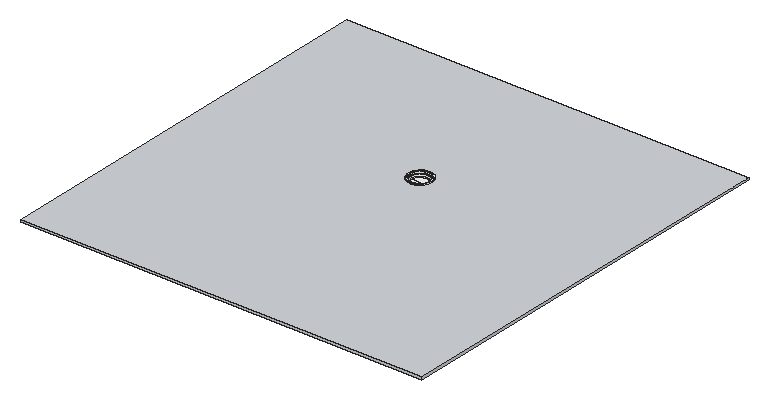
Revit family "Zumtobel PANOS3 R R150", category Lighting Fixtures, host Face, Revit 2018
Family settings
  Host = Face
  Round Connector Dimension = Use Diameter
  Part Type = Normal
  OmniClass Number = 23.80.70.11
  OmniClass Title = Luminaries for Internal Lighting
  Cut with Voids When Loaded = No
  Light Source = Yes
  Shared = No
  Room Calculation Point = No
Parameters (values of type "PANOS3 R R150L WH")
  Width = 164 mm
  Wattage Comments = ""
  Wattage = 7.6746 W
  WH = yes
  built-in parameter 1150110 = 1 (stored number, unit not read)
  Voltage = 230 V
  URL = "http://www.zumtobel.com/60819286"
  Type Comments = "© Zumtobel. We reserve the right to make technical changes without prior notice."  # constant formula
  built-in parameter 1114217 = 1 (stored number, unit not read)
  Tilt Angle = -90.00°
  built-in parameter 1150109 = 1 (stored number, unit not read)
  built-in parameter 1150134 = 12
  built-in parameter 1150113 = 1 (stored number, unit not read)
  Reflector = ZG_Metal_White_Self_Illumination
  R150L = yes
  R150H = no
  Photometric Web File = "60819286_(STD).IES"
  Model = "60819286"
  Manufacturer = "Zumtobel Lighting"  # constant formula
  built-in parameter 1150105 = 691.64 (stored number, unit not read)
  Lumens = 1140 lm
  built-in parameter 1150115 = 1 (stored number, unit not read)
  built-in parameter 1150137 = (empty or 0)
  built-in parameter 1150139 = (empty or 0)
  Length = Width  # 164 mm
  built-in parameter 1150112 = 1 (stored number, unit not read)
  built-in parameter 1150114 = 1 (stored number, unit not read)
  Lamp = "LED"
  built-in parameter 1150132 = 2
  built-in parameter 1150102 = (empty or 0)
  built-in parameter 1150107 = 4000 (stored number, unit not read)
  built-in parameter 1150138 = (empty or 0)
  built-in parameter 1150106 = 6.9164 (stored number, unit not read)
  Height = 59 mm
  Emit from Circle Diameter = Cover Diameter  # 164 mm
  Emit Shape Visible in Rendering = yes
  built-in parameter 1150104 = 13.8 (stored number, unit not read)
  Dimming Lamp Color Temperature Shift = <None>
  Description = "LED ceiling-recessed luminaire"  # constant formula
  Default Elevation = 0 mm
  Cutout Diameter = 150 mm  # constant formula
  Cover Diameter = 164 mm  # constant formula
  Color Filter = 16777215
  Clearance Height = if(R150H, 100 mm, 70 mm)  # 70 mm
  built-in parameter 1140040 [instance] = 1
  Body = ZG_Metal_White
  built-in parameter 1114218 = 1 (stored number, unit not read)
  built-in parameter 1150133 = 10 (stored number, unit not read)
  Assembly Code = "D5020200"
  Apparent Load = 8.1 VA
Types (4, lengths in mm): name | Width | Wattage | WH | URL | R150L | R150H | Photometric Web File | Model | built-in parameter 1150105 | Lumens | Length | built-in parameter 1150106 | Height | Clearance Height
  PANOS3 R R150H TL | 150 | 7.33799 W | no | "http://www.zumtobel.com/60819281" | no | yes | "60819281_(STD).IES" | "60819281" | 956.58 (stored number, unit not read) | 1090 lm | 150 | 9.5658 (stored number, unit not read) | 94 | 100
  PANOS3 R R150H WH | 164 | 7.33799 W | yes | "http://www.zumtobel.com/60819244" | no | yes | "60819244_(STD).IES" | "60819244" | 956.58 (stored number, unit not read) | 1090 lm | 164 | 9.5658 (stored number, unit not read) | 94 | 100
  PANOS3 R R150L TL | 150 | 7.6746 W | no | "http://www.zumtobel.com/60819284" | yes | no | "60819284_(STD).IES" | "60819284" | 691.64 (stored number, unit not read) | 1140 lm | 150 | 6.9164 (stored number, unit not read) | 59 | 70
  PANOS3 R R150L WH | 164 | 7.6746 W | yes | "http://www.zumtobel.com/60819286" | yes | no | "60819286_(STD).IES" | "60819286" | 691.64 (stored number, unit not read) | 1140 lm | 164 | 6.9164 (stored number, unit not read) | 59 | 70
Reference planes
  plane 1 "Center (Front/Back)": y = 0
  plane 2 "Top": z = 0
  plane 3 "Center (Left/Right)": x = 399.5
  plane 4: z = 1.7
  plane 5: x = 274.5
  plane 6: y = 125
  plane 7: y = -375
  plane 8: x = 774.5
  plane 9: z = -70
  plane 10: z = -15
  plane 11: x = 474.5
  plane 12: x = 332.39
  plane 13: x = 324.5
  plane 14: y = -75
  plane 15: y = 75
  plane 16 "Bottom": z = -59
Forms (mm)
  Extrusion 1, solid
    sketch origin (0, 0, 0) x (1, 0, 0) y (0, 1, 0)
      loop
        line (-1016.679, 1125) -> (-1016.679, -1737.29) -> (1803.321, -1737.29) -> (1803.321, 1125) -> (-1016.679, 1125)
    from 0 to -15
  Extrusion 2, void
    sketch origin (0, 0, 0) x (1, 0, 0) y (0, 1, 0)
      loop
        circle (399.5, 0) r 75
    from -20 to 0
  Extrusion 3, solid, material "ZG_Metal_White" <- "Body", visible <- "WH"
    sketch origin (0, 0, 0) x (1, 0, 0) y (0, 1, 0)
      loop
        circle (399.5, 0) r 82
      loop
        circle (399.5, 0) r 72
    from 0 to 1.7
  Extrusion 4, solid, material "ZG_Metal_Grey", detail levels medium+fine
    sketch origin (0, 0, 0) x (1, 0, 0) y (0, 0, 1)
      loop
        line (327.39, -41.732) -> (327.39, -79.759) -> (332.39, -79.759) -> (332.39, -30.273) -> (327.305, -26.155)
        arc (327.305, -26.155) -> (325.524, -24.285) -> (324.283, -22.021) r 10
        arc (324.283, -22.021) -> (322.03, -18.976) -> (318.548, -17.486) r 7.237
        line (318.548, -17.486) -> (311.542, -16.501) -> (311.573, -18.256) -> (316.825, -19.062)
        arc (316.825, -19.062) -> (319.489, -20.275) -> (321.126, -22.702) r 5.388
        line (321.126, -22.702) -> (327.39, -41.732)
      loop
        line (471.61, -41.732) -> (477.874, -22.702)
        arc (477.874, -22.702) -> (479.511, -20.275) -> (482.175, -19.062) r 5.388
        line (482.175, -19.062) -> (487.427, -18.256) -> (487.458, -16.501) -> (480.452, -17.486)
        arc (480.452, -17.486) -> (476.97, -18.976) -> (474.717, -22.021) r 7.237
        arc (474.717, -22.021) -> (473.476, -24.285) -> (471.695, -26.155) r 10
        line (471.695, -26.155) -> (466.61, -30.273) -> (466.61, -79.759) -> (471.61, -79.759) -> (471.61, -41.732)
    from -17.5 to 17.5
  Revolve 5, solid, material "ZG_Metal_White" <- "Body", visible <- "R150H"
    sketch origin (0, 0, 0) x (1, 0, 0) y (0, 0, 1)
      loop
        line (344.972, -65.47) -> (338.668, -25.667) -> (336.696, -14.484) -> (329.325, -14.484) -> (327.5, -9.471) -> (327.5, 0) -> (324.5, 0) -> (324.5, -10) -> (327.224, -17.484) -> (334.179, -17.484) -> (335.678, -25.982) -> (336.614, -52.802) -> (339.616, -52.802) -> (339.721, -55.802) -> (336.719, -55.802) -> (338.053, -94) -> (399.5, -94) -> (399.5, -65.47) -> (344.972, -65.47)
      axis (399.5, 0) -> (399.5, -94)
    angle from 0 to 360
  Extrusion 6, void
    sketch origin (0, 0, -104) x (-1, 0, 0) y (0, -1, 0)
      loop
        line (-274.5, -125) -> (-274.5, 375) -> (-774.5, 375) -> (-774.5, -125) -> (-274.5, -125)
    from 34 to 89
  Revolve 7, solid, material "ZG_Metal_White" <- "Body", visible <- "R150L"
    sketch origin (0, 0, 0) x (1, 0, 0) y (0, 0, 1)
      loop
        line (339.432, -30.486) -> (338.668, -25.667) -> (336.696, -14.484) -> (329.325, -14.484) -> (327.5, -9.471) -> (327.5, 0) -> (324.5, 0) -> (324.5, -10) -> (327.224, -17.484) -> (334.179, -17.484) -> (335.678, -25.982) -> (337.983, -59.016) -> (399.5, -59.016) -> (399.5, -30.486) -> (339.432, -30.486)
      axis (399.5, 0) -> (399.5, -59.016)
    angle from 0 to 360
Dimensions and locks
  locked: plane 4 to plane 2 "Top" at 1.7
  locked: plane 5 to plane 13 at 50
  locked: plane 15 to plane 6 at 50
  locked: plane 5 to plane 8 at 500
  locked: plane 6 to plane 7 at 500
  locked: plane 2 "Top" to plane 10 at 15
  "Clearance Height": plane 2 "Top" to plane 9
  "Height": plane 2 "Top" to plane 16 "Bottom"
  "Cutout Diameter": diameter of Extrusion 2 sketch curve
  "Cover Diameter": diameter of Extrusion 3 sketch curve
  aligned and locked: Extrusion 1 to plane 2 "Top"
  aligned and locked: Extrusion 1 to level
  aligned and locked: imposter light to plane 3 "Center (Left/Right)"
  aligned and locked: imposter light to plane 1 "Center (Front/Back)"
  aligned and locked: plane 2 "Top" to Extrusion 2
  aligned and locked: Extrusion 6 sketch curve to plane 6
  aligned and locked: plane 5 to Extrusion 6 sketch curve
  aligned and locked: plane 7 to Extrusion 6 sketch curve
  aligned and locked: Extrusion 6 sketch curve to plane 8
  aligned and locked: Extrusion 6 to plane 9
  aligned and locked: Extrusion 6 to plane 10
  aligned and locked: imposter light to plane 4
Automatic sketch dimensions
  Extrusion 1 sketch curve to Extrusion 1 sketch curve = 2820 mm
  Extrusion 1 sketch curve to Extrusion 1 sketch curve = 2862.29 mm
  Extrusion 3 sketch curve to Extrusion 3 sketch curve = 0 mm  (x2)
  plane 1 "Center (Front/Back)" to Extrusion 3 sketch curve = 0 mm
  Extrusion 3 sketch curve to plane 3 "Center (Left/Right)" = 0 mm
  plane 12 to Extrusion 4 sketch curve = 0 mm
  plane 12 to Extrusion 4 sketch curve = 5 mm
  plane 12 to Extrusion 4 sketch curve = 5.085 mm
  Extrusion 4 sketch curve to Extrusion 4 sketch curve = 6.179 mm
  Extrusion 4 sketch curve to plane 10 = 2.486 mm  (x2)
  Extrusion 4 sketch curve to Extrusion 4 sketch curve = 2.578 mm  (x2)
  Extrusion 4 sketch curve to Extrusion 4 sketch curve = 3.585 mm  (x2)
  Extrusion 4 sketch curve to plane 10 = 4.062 mm  (x2)
  Extrusion 4 sketch curve to Extrusion 4 sketch curve = 1.723 mm  (x2)
  Extrusion 4 sketch curve to Extrusion 4 sketch curve = 1.532 mm  (x2)
  Extrusion 4 sketch curve to plane 10 = 3.256 mm  (x2)
  Extrusion 4 sketch curve to Extrusion 4 sketch curve = 5.252 mm  (x2)
  Extrusion 4 sketch curve to plane 10 = 1.501 mm  (x2)
  Extrusion 4 sketch curve to Extrusion 4 sketch curve = 0.031 mm  (x2)
  Extrusion 4 sketch curve to plane 12 = 1.208 mm
  Extrusion 4 sketch curve to plane 10 = 3.384 mm  (x2)
  plane 11 to Extrusion 4 sketch curve = 9.098 mm
  plane 11 to Extrusion 4 sketch curve = 7.89 mm
  plane 11 to Extrusion 4 sketch curve = 2.89 mm
  plane 11 to Extrusion 4 sketch curve = 2.805 mm
  Extrusion 4 sketch curve to plane 11 = 3.374 mm
  Extrusion 4 sketch curve to Extrusion 4 sketch curve = 3.641 mm  (x2)
  Extrusion 4 sketch curve to Extrusion 4 sketch curve = 0.266 mm  (x2)
  Extrusion 4 sketch curve to Extrusion 4 sketch curve = 4.135 mm
  Extrusion 4 sketch curve to Extrusion 4 sketch curve = 3.453 mm
  Extrusion 4 sketch curve to Extrusion 4 sketch curve = 4.118 mm  (x2)
  Extrusion 4 sketch curve to Extrusion 4 sketch curve = 11.459 mm  (x2)
  Revolve 5 sketch curve to level = 0 mm
  plane 3 "Center (Left/Right)" to Revolve 5 sketch curve = 0 mm  (x2)
  Revolve 5 sketch curve to Revolve 5 sketch curve = 54.528 mm
  Revolve 5 sketch curve to Revolve 5 sketch curve = 5.252 mm
  Revolve 5 sketch curve to Revolve 5 sketch curve = 0.105 mm
  Revolve 5 sketch curve to plane 10 = 10.667 mm
  Revolve 5 sketch curve to Revolve 5 sketch curve = 0.948 mm
  Revolve 5 sketch curve to Revolve 5 sketch curve = 6.92 mm
  Revolve 5 sketch curve to Revolve 5 sketch curve = 3.002 mm  (x2)
  plane 10 to Revolve 5 sketch curve = 0.516 mm
  Revolve 5 sketch curve to Revolve 5 sketch curve = 1.972 mm
  Revolve 5 sketch curve to plane 10 = 10.982 mm
  Revolve 5 sketch curve to Revolve 5 sketch curve = 2.991 mm
  Revolve 5 sketch curve to Revolve 5 sketch curve = 2.517 mm
  Revolve 5 sketch curve to Revolve 5 sketch curve = 4.855 mm
  Revolve 5 sketch curve to Revolve 5 sketch curve = 1.825 mm
  Revolve 5 sketch curve to plane 10 = 2.484 mm
  Revolve 5 sketch curve to Revolve 5 sketch curve = 2.101 mm
  Revolve 5 sketch curve to Revolve 5 sketch curve = 3 mm  (x2)
  Revolve 5 sketch curve to Revolve 5 sketch curve = 9.668 mm
  plane 10 to Revolve 5 sketch curve = 5 mm
  Revolve 5 sketch curve to Revolve 5 sketch curve = 0.529 mm
  Revolve 5 sketch curve to Revolve 5 sketch curve = 11.99 mm
  Revolve 5 sketch curve to plane 10 = 17.071 mm
  Revolve 7 sketch curve to level = 0 mm
  plane 3 "Center (Left/Right)" to Revolve 7 sketch curve = 0 mm  (x2)
  Revolve 7 sketch curve to plane 10 = 15.486 mm
  Revolve 7 sketch curve to Revolve 7 sketch curve = 60.068 mm
  Revolve 7 sketch curve to plane 10 = 10.667 mm
  Revolve 7 sketch curve to Revolve 7 sketch curve = 0.763 mm
  Revolve 7 sketch curve to Revolve 7 sketch curve = 1.449 mm
  plane 10 to Revolve 7 sketch curve = 0.516 mm
  Revolve 7 sketch curve to Revolve 7 sketch curve = 1.972 mm
  Revolve 7 sketch curve to plane 10 = 2.484 mm
  Revolve 7 sketch curve to Revolve 7 sketch curve = 2.517 mm
  Revolve 7 sketch curve to Revolve 7 sketch curve = 4.855 mm
  Revolve 7 sketch curve to Revolve 7 sketch curve = 1.825 mm
  Revolve 7 sketch curve to Revolve 7 sketch curve = 2.101 mm
  Revolve 7 sketch curve to Revolve 7 sketch curve = 3 mm
  Revolve 7 sketch curve to Revolve 7 sketch curve = 28.53 mm
  plane 10 to Revolve 7 sketch curve = 5 mm
  Revolve 7 sketch curve to Revolve 7 sketch curve = 0.529 mm
  Revolve 7 sketch curve to Revolve 7 sketch curve = 2.991 mm
  Revolve 7 sketch curve to plane 10 = 10.982 mm
  Revolve 7 sketch curve to Revolve 7 sketch curve = 1.584 mm
  Revolve 7 sketch curve to Revolve 7 sketch curve = 5.536 mm
  Extrusion 4 sketch curve to Extrusion 4 sketch curve = 38.027 mm  (x2)
  Revolve 5 sketch curve to Revolve 5 sketch curve = 26.821 mm
  Revolve 5 sketch curve to Revolve 5 sketch curve = 28.53 mm
  plane 1 "Center (Front/Back)" to Extrusion 2 sketch curve = 0 mm
  Extrusion 2 sketch curve to plane 3 "Center (Left/Right)" = 0 mm
  radius of Extrusion 3 sketch curve = 72 mm
Connectors
  electrical at (399.5, 0, -59), driven by "Voltage", driven by "Apparent Load"
    settings: index 1, voltage 230 V, apparent load 8.1 VA, apparent load phase1 0 VA, apparent load phase2 0 VA, apparent load phase3 0 VA, power factor 1, load classification "Lighting", number of poles 1, system type 30, power factor state 1, is connector primary yes, connector utility no, sub classification motor no, connector description "Power"
